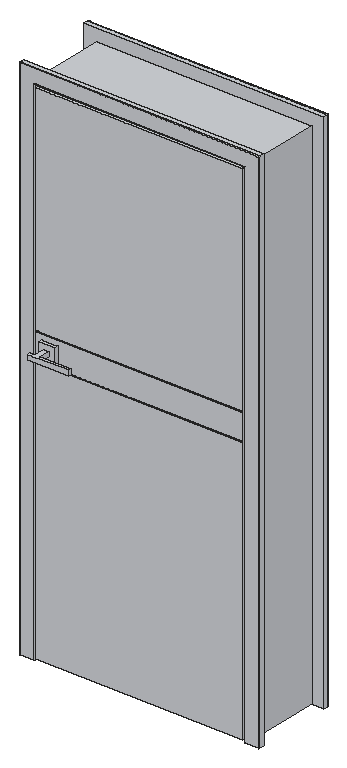
Revit family "Desire_4_bp", category Drzwi, Revit 2016
Family settings
  Obiekt nadrzędny = Ściana
  Zawsze pionowo = Tak
  Tnij formami wycięć po wczytaniu = Nie
  Współdzielony = Nie
  Punkt obliczania pomieszczeń = Nie
Parameters (values of type "80 cm x 202 cm")
  Zakres szerokości muru [instance] = if(and(Szerokość ściany > 94 mm, Szerokość ściany < 120 mm), "B", (if(and(Szerokość ściany > 119 mm, Szerokość ściany < 140 mm), "C", (if(and(Szerokość ściany > 139 mm, Szerokość ściany < 160 mm), "D", (if(and(Szerokość ściany > 159 mm, Szerokość ściany < 180 mm), "E", (if(and(Szerokość ściany > 179 mm, Szerokość ściany < 200 mm), "F", (if(and(Szerokość ściany > 199 mm, Szerokość ściany < 220 mm), "G", (if(and(Szerokość ściany > 219 mm, Szerokość ściany < 240 mm), "H", (if(and(Szerokość ściany > 239 mm, Szerokość ściany < 260 mm), "I", (if(and(Szerokość ściany > 259 mm, Szerokość ściany < 280 mm), "J", (if(and(Szerokość ściany > 279 mm, Szerokość ściany < 301 mm), "K", "BRAK")))))))))))))))))))  # "K"
  Wysokość brutto = 2060 mm
  Szerokość ściany [instance] = 300 mm
  Szerokość brutto = 880 mm
  Model = "Desire 4"  # constant formula
  Konstrukcja analityczna = "<Brak>"
  Funkcja = Wewnętrzna
  URL = "www.porta.com.pl"
  Ss = 818 mm
  Sb = 846 mm
  Producent = "PORTA KMI POLAND"  # constant formula
  Keynote = ""
  Opis = "Własność Porta KMI Poland, wszelkie prawa zastrzeżone."  # constant formula
  Wysokość = 2016 mm
  Zakończenie ściany = Wg obiektu nadrzędnego
  Szerokość = 800 mm
  Materiał_skrzydło [instance] = none
  Materiał_ościeżnica [instance] = none
  Materiał_klamka [instance] = none
  Hs = 2017 mm
Types (4, lengths in mm): name | Wysokość brutto | Szerokość brutto | Ss | Sb | Wysokość | Szerokość | Hs
  80 cm x 202 cm | 2060 | 880 | 818 | 846 | 2016 | 800 | 2017
  90 cm x 202 cm | 2060 | 980 | 918 | 946 | 2016 | 900 | 2017
  80 cm x 220 cm | 2243 | 880 | 818 | 846 | 2200 | 800 | 2200
  90 cm x 220 cm | 2243 | 980 | 918 | 946 | 2200 | 900 | 2200
Reference planes
  plane 1: y = 0
  plane 2 "Środek (Lewa/Prawa)": x = 0
  plane 3 "Lewy": x = -440
  plane 4 "Prawy": x = 440
  plane 5: z = 2060
  plane 6 "Zewnętrzna": y = 150
  plane 7 "Wewnętrzna": y = -150
  plane 8 "skrzydło": y = -129
  plane 9: x = -409
  plane 10: x = 409
Forms (mm)
  Sweep 1, solid, material <- "Materiał_ościeżnica"
    path in 3D
      loop
        line (-440, -150, 0) -> (-440, -150, 2060) -> (440, -150, 2060) -> (440, -150, 0)
    profile origin (-440, -150, 1030) x (0, -1, 0) y (1, 0, 0)
      loop
        line (-24, 39) -> (-72, 39) -> (-72, 17) -> (0, 17) -> (0, -33) -> (16, -33)
        arc (16, -33) -> (18.121, -32.121) -> (19, -30) r 3
        line (19, -30) -> (19, 24)
        arc (19, 24) -> (18.121, 26.121) -> (16, 27) r 3
        line (16, 27) -> (-24, 27) -> (-24, 39)
  Sweep 2, solid, material <- "Materiał_ościeżnica"
    path in 3D
      loop
        line (440, 150, 0) -> (440, 150, 2060) -> (-440, 150, 2060) -> (-440, 150, 0)
    profile origin (-440, 150, 1030) x (1, 0, 0) y (0, 1, 0)
      loop
        line (-33, 0) -> (17, 0) -> (17, -228) -> (39, -228) -> (39, -1)
        arc (39, -1) -> (37.536, 2.536) -> (34, 4) r 5
        line (34, 4) -> (25, 4) -> (25, 16)
        arc (25, 16) -> (24.121, 18.121) -> (22, 19) r 3
        line (22, 19) -> (-30, 19)
        arc (-30, 19) -> (-32.121, 18.121) -> (-33, 16) r 3
        line (-33, 16) -> (-33, 0)
Cuts and joins
  joined: Sweep 1, Sweep 2
Lines and regions (mm)
  Opening 1
    outline origin (-3050, -150, 0) x (1, 0, 0) y (0, 0, 1)
      loop
        line (2610, 0) -> (3490, 0) -> (3490, 2060) -> (2610, 2060) -> (2610, 0)
  sketch lines
    curve 1: line (-440, -150, 0) -> (-440, -150, 2060)
    curve 2: line (-440, -150, 2060) -> (440, -150, 2060)
    curve 3: line (440, -150, 2060) -> (440, -150, 0)
    curve 4: line (-440, 150, 2060) -> (-440, 150, 0)
    curve 5: line (440, 150, 2060) -> (-440, 150, 2060)
    curve 6: line (440, 150, 0) -> (440, 150, 2060)
  symbolic lines, style "DoorsPanelProjection"
    curve 7: line (409, -150, 0) -> (409, -968, 0)
    curve 8: line (409, -968, 0) -> (369, -968, 0)
    curve 9: line (369, -968, 0) -> (369, -150, 0)
    curve 10: line (369, -150, 0) -> (409, -150, 0)
  symbolic lines, style "Ugięcie rzutu"
    curve 11: arc (-409, -150, 0) -> (-169.413, -728.413, 0) -> (409, -968, 0) r 818
Text (mm)
  text "Zewnętrzna" at (-2295.016, 1099.543, 0), in view "Poziom odniesienia"
  text "Zewnętrzna" at (0, 1615.38, 3698.081), in view "Lewy"
  text "Zewnętrzna" at (0, 1036.032, 3874.932), in view "Prawy"
Dimensions and locks
  equal spacing: plane 3 "Lewy", plane 2 "Środek (Lewa/Prawa)", plane 4 "Prawy"
  "Szerokość brutto": plane 3 "Lewy" to plane 4 "Prawy"
  "Wysokość brutto": plane 5 to host wall
  host wall to plane 5 = 2060 mm  (x2)
  locked: plane 6 "Zewnętrzna" to host wall at 0
  locked: plane 7 "Wewnętrzna" to host wall
  "Sb": Sweep 1 to Sweep 1
  locked: Sweep 1 sketch curve to Sweep 1 sketch curve at 22
  Sweep 1 sketch curve to Sweep 1 sketch curve = 50 mm
  locked: Sweep 1 sketch curve to profile plane at 72
  locked: Sweep 2 sketch curve to Sweep 2 sketch curve at 50
  locked: Sweep 2 sketch curve to Sweep 2 sketch curve at 22
  locked: Sweep 2 sketch curve to plane 6 "Zewnętrzna" at 1
  locked: curve 9 to curve 7 at 40
  "Ss": curve 8 to curve 10
  equal spacing: curve 11, plane 2 "Środek (Lewa/Prawa)", curve 7
  locked: plane 7 "Wewnętrzna" to plane 8 "skrzydło" at 21
  nested 1 to plane 2 "Środek (Lewa/Prawa)" to nested 1 = 409 mm, 409 mm
  locked: nested 1 to level at 8
  "Szerokość ściany": host wall to host wall
  equal spacing: plane 9, plane 2 "Środek (Lewa/Prawa)", plane 10
  "Ss": plane 9 to plane 10
  aligned and locked: plane 3 "Lewy" to Opening 1 sketch curve
  aligned and locked: plane 5 to Opening 1 sketch curve  (x2)
  aligned and locked: Opening 1 sketch curve to plane 4 "Prawy"
  aligned and locked: Opening 1 sketch curve to level
  aligned and locked: plane 1 to host wall
  aligned and locked: Sweep 1 to Sweep 2 sketch curve
  aligned and locked: plane 7 "Wewnętrzna" to curve 10
  aligned and locked: Sweep 2 sketch curve to cut or joined group of Sweep 1, Sweep 2
  aligned and locked: nested 1 to plane 8 "skrzydło"
  aligned and locked: nested 1 to plane 9
Automatic sketch dimensions
  profile plane to Sweep 1 sketch curve = 24 mm
  Sweep 1 sketch curve to profile plane = 16 mm  (x2)
  Sweep 1 sketch curve to Sweep 1 sketch curve = 3 mm
  profile plane to Sweep 1 sketch curve = 17 mm
  Sweep 1 sketch curve to Sweep 1 sketch curve = 7 mm
  Sweep 1 sketch curve to profile plane = 0 mm
  Sweep 2 sketch curve to profile plane = 0 mm
  Sweep 2 sketch curve to profile plane = 16 mm
  Sweep 2 sketch curve to Sweep 2 sketch curve = 3 mm
  Sweep 2 sketch curve to Sweep 2 sketch curve = 5 mm
  Sweep 2 sketch curve to profile plane = 4 mm
  Sweep 2 sketch curve to Sweep 2 sketch curve = 8 mm
  curve 11 to host wall = 0 mm
Nested families
  nested 1: "skrzydło" at (0, -135.5, 0), type "skrzydło"
Definition of nested family "skrzydło"
  Parameters
    Ss = 818 mm
    Materiał_skrzydło = none
    Materiał_klamka = none
    Hs = 2017 mm
  Reference planes
    plane 1 "Tył": y = 6.5
    plane 2: z = 0
    plane 3 "Środek (Lewa/Prawa)": x = 0
    plane 4 "Przód": y = -33.5
    plane 5: z = 2025
    plane 6 "Centrum": y = -13.5
    plane 7: z = 8
    plane 8: x = -409
    plane 9: x = 409
    plane 10: z = 1056.75
  Forms (mm)
    Extrusion 1, solid, material <- "Materiał_skrzydło"
      sketch origin (-892.016, -13.5, 1200) x (-1, 0, 0) y (0, 0, 1)
        loop
          line (-483.016, -1192) -> (-483.016, 825) -> (-1301.016, 825) -> (-1301.016, -1192) -> (-483.016, -1192)
      from 20 to -20
    Sweep 2, void
      path origin (-892.016, -13.5, 1200) x (-1, 0, 0) y (0, 0, 1)
        loop
          line (-483.016, -143.25) -> (-1301.016, -143.25)
      profile origin (0, -13.5, 1056.75) x (0, 0, -1) y (0, 1, 0)
        loop
          line (-1, -19) -> (-3.5, -19) -> (-4.5, -20) -> (0, -20) -> (-1, -19)
        loop
          line (-1, 19) -> (0, 20) -> (-4.5, 20) -> (-3.5, 19) -> (-1, 19)
        loop
          line (-106, -19) -> (-108.5, -19) -> (-109.5, -20) -> (-105, -20) -> (-106, -19)
        loop
          line (-106, 19) -> (-105, 20) -> (-109.5, 20) -> (-108.5, 19) -> (-106, 19)
  Cuts and joins
    Sweep 2 cuts Extrusion 1
  Dimensions and locks
    locked: plane 7 to level at 8
    "Hs": plane 5 to plane 7
    plane 7 to nested 2 = 1074 mm
    equal spacing: plane 4 "Przód", plane 6 "Centrum", plane 1 "Tył"
    "Ss": plane 8 to plane 9
    locked: plane 8 to nested 1 at 55
    locked: plane 8 to nested 2 at 55
    locked: nested 1 to plane 7 at 1104
    locked: plane 10 to plane 7 at 1048.75
    aligned and locked: nested 1 to plane 4 "Przód"
    aligned and locked: nested 2 to nested 1  (x2)
    aligned and locked: plane 8 to Extrusion 1 sketch curve
    aligned and locked: Extrusion 1 sketch curve to plane 9
    aligned and locked: Extrusion 1 to plane 4 "Przód"
    aligned and locked: Extrusion 1 to plane 1 "Tył"
    aligned and locked: Sweep 2 sketch curve to plane 10
    aligned and locked: plane 9 to Sweep 2 sketch curve
    aligned and locked: plane 8 to Sweep 2 sketch curve
  Automatic sketch dimensions
    Extrusion 1 sketch curve to plane 7 = 0 mm
    Extrusion 1 sketch curve to plane 5 = 0 mm
    Sweep 2 sketch curve to profile plane = 0 mm  (x2)
    Sweep 2 sketch curve to plane 6 "Centrum" = 20 mm  (x2)
    profile plane to Sweep 2 sketch curve = 1 mm  (x2)
    Sweep 2 sketch curve to Sweep 2 sketch curve = 2.5 mm  (x4)
    Sweep 2 sketch curve to Sweep 2 sketch curve = 1 mm  (x8)
    plane 6 "Centrum" to Sweep 2 sketch curve = 20 mm
    Sweep 2 sketch curve to Sweep 2 sketch curve = 100.5 mm
    Sweep 2 sketch curve to Sweep 2 sketch curve = 0 mm
    plane 6 "Centrum" to Sweep 2 sketch curve = 19 mm  (x2)
    Sweep 2 sketch curve to plane 6 "Centrum" = 19 mm
  Nested families
    nested 1: "KLAMKA" at (-344, -33.5, 1112), Materiał klamki <- "Materiał_klamka", type "KLAMKA"
      with Materiał klamki none
    nested 2: "KLAMKA" at (-344, 6.5, 1112), Materiał klamki <- "Materiał_klamka", type "KLAMKA"
      with Materiał klamki none
  Definition of nested family "KLAMKA"
    Parameters
      Materiał klamki [instance] = none
      Assembly Code = ""
      Default Elevation = 1219.2 mm
    Reference planes
      plane 1 "Center (Front/Back)": y = 0
      plane 2: z = 0
      plane 3 "Center (Left/Right)": x = -10
      plane 4: z = 30
      plane 5: z = -30
      plane 6: x = 20
      plane 7: x = -40
      plane 8: y = -70
      plane 9: y = -60
      plane 10: x = 0
      plane 11: x = -20
      plane 12: z = -10
      plane 13: z = 10
      plane 14: y = -15
    Forms (mm)
      Extrusion 1, solid, material <- "Materiał klamki"
        sketch origin (0, 0, 0) x (1, 0, 0) y (0, 0, 1)
          loop
            line (-40, 30) -> (-40, -30) -> (20, -30) -> (20, 30) -> (-40, 30)
        from 0 to 15
      Extrusion 2, solid, material <- "Materiał klamki"
        sketch origin (0, 0, 0) x (1, 0, 0) y (0, 1, 0)
          loop
            line (-20, -15) -> (-20, -60) -> (-40, -60) -> (-40, -70) -> (120, -70) -> (120, -60) -> (0, -60) -> (0, -15) -> (-20, -15)
        from -10 to 10
    Dimensions and locks
      plane 8 to plane 1 "Center (Front/Back)" = 70 mm
      plane 11 to plane 3 "Center (Left/Right)" to plane 10 = 10 mm locked, 10 mm locked
      plane 14 to plane 1 "Center (Front/Back)" = 15 mm
      equal spacing: plane 13, level, plane 12
      locked: level to plane 12 at 10
      equal spacing: plane 4, level, plane 5
      level to plane 5 = 30 mm
      equal spacing: plane 7, plane 3 "Center (Left/Right)", plane 6
      locked: plane 3 "Center (Left/Right)" to plane 7 at 30
      aligned and locked: plane 14 to Extrusion 1
      aligned and locked: Extrusion 1 to plane 1 "Center (Front/Back)"
      aligned and locked: plane 13 to Extrusion 2
      aligned and locked: Extrusion 2 to plane 12
    Automatic sketch dimensions
      Extrusion 1 sketch curve to plane 5 = 0 mm
      plane 7 to Extrusion 1 sketch curve = 0 mm
      Extrusion 1 sketch curve to plane 6 = 0 mm
      Extrusion 1 sketch curve to plane 4 = 0 mm
      Extrusion 2 sketch curve to plane 7 = 0 mm
      Extrusion 2 sketch curve to plane 9 = 0 mm  (x2)
      Extrusion 2 sketch curve to plane 11 = 0 mm
      Extrusion 2 sketch curve to plane 10 = 0 mm
      Extrusion 2 sketch curve to plane 8 = 0 mm
      plane 14 to Extrusion 2 sketch curve = 0 mm
      plane 6 to Extrusion 2 sketch curve = 100 mm
